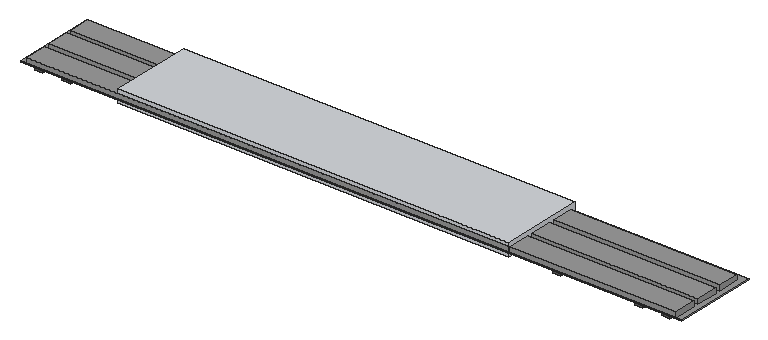
Revit family "2114-3, Solid", category Generic Models, host Face, Revit 2020
Family settings
  Host = Face
  Can host rebar = No
  Round Connector Dimension = Use Diameter
  Part Type = Normal
  Cut with Voids When Loaded = No
  Shared = No
  Room Calculation Point = No
Parameters
  min_value [instance] = 1' - 11 1/4"  # constant formula
  max_value [instance] = 11' - 11 1/4"  # constant formula
  actual_value [instance] = if(NET LENGTH < min_value, min_value, if(NET LENGTH > max_value, max_value, NET LENGTH))  # 7' - 11 1/4"
  SCRIM MATERIAL [instance] = SCRIM
  SCRIM [instance] = yes
  NET LENGTH [instance] = 7' - 11 1/4"
  Default Elevation = 4' - 0"
  BACKER MATERIAL [instance] = BLACK-BACKERS
  .. MEMBER WIDTH [instance] = 0' - 3 1/4"  # constant formula
  .. MEMBER MATERIAL [instance] = Solid Western Hemlock
  .. MEMBER LENGTH [instance] = actual_value  # 7' - 11 1/4"
  .. MEMBER DEPTH [instance] = 0' - 0 3/4"  # constant formula
  .. MEMBER COUNT [instance] = 3  # constant formula
  IMPORTANT NOTE!!!                                                                             *Backer layout is for visualization purposes only, final layout to be determined by 9Wood. [instance] = ""
Reference planes (in)
  plane 1 "Center (Front/Back)": y = 0
  plane 2: z = 1.82209
  plane 3 "Center (Left/Right)": x = 0
Forms (in)
  Extrusion 1, solid
    sketch origin (132, -33.80483, 0) x (1, 0, 0) y (0, 1, 0)
      loop
        line (-118.625, 33.80483) -> (-61.26146, 33.80483) -> (-61.26146, 45.86733) -> (-118.625, 45.86733) -> (-118.625, 33.80483)
    from 1.82209 to 0
Dimensions and locks (in)
  aligned and locked: Extrusion 1 to plane 2
  aligned and locked: plane 3 "Center (Left/Right)" to nested 1
Nested families (in)
  nested 1: "1100 SERIES CONFIG" at (0, 2, 0), .. MEMBER DEPTH <- ".. MEMBER DEPTH", .. MEMBER LENGTH <- ".. MEMBER LENGTH", .. MEMBER WIDTH <- ".. MEMBER WIDTH", .. MEMBER MATERIAL <- ".. MEMBER MATERIAL", BACKING M MATERIAL <- "BACKER MATERIAL", SCRIM  MATERIAL <- "SCRIM MATERIAL", .. MEMBER COUNT <- ".. MEMBER COUNT", SCRIM <- "SCRIM", type "1100 SERIES CONFIG"
    with X 7' - 8", SCRIM OVERHANG 2 0' - 0 3/32", SCRIM OVERHANG 0' - 0 7/8", SCRIM LENGTH 8' - 1", SCRIM  MATERIAL SCRIM, SCRIM yes, NOMINAL LENGTH 7, N 8, Inset 6' - 0 3/8", INSET 0' - 1", INDEX 0' - 5 5/8", HALF MEMBER WIDTH 0' - 1 5/8", HALF LENGTH 3' - 11 5/8", END BACKER yes, BACKING M WIDTH 0' - 1 1/4", BACKING M OC SPACING 1' - 0", BACKING M MATERIAL BLACK-BACKERS, BACKING M LENGTH 0' - 11 7/8", BACKING M DEPTH 0' - 0 1/2", BACKING M COUNT 8, 3/16" INSET 0' - 0 3/16", .. MEMBER WIDTH 0' - 3 1/4", .. MEMBER OC SPACING 0' - 4", .. MEMBER MATERIAL Solid Western Hemlock, .. MEMBER LENGTH 7' - 11 1/4", .. MEMBER DEPTH 0' - 0 3/4", .. MEMBER COUNT 3
Definition of nested family "1100 SERIES CONFIG"
  Parameters (values of type "1100 SERIES CONFIG")
    X [instance] = .. MEMBER LENGTH - 0' 3 1/4"  # 5' - 5"
    SCRIM OVERHANG 2 [instance] = 0' - 0 3/32"  # constant formula
    SCRIM OVERHANG [instance] = 0' - 0 7/8"  # constant formula
    SCRIM LENGTH [instance] = .. MEMBER LENGTH + (SCRIM OVERHANG * 2)  # 5' - 10"
    SCRIM  MATERIAL [instance] = none
    SCRIM [instance] = yes
    NOMINAL LENGTH [instance] = 7
    N [instance] = if((X - (rounddown(X / 1' 0") * 1' 0")) > 1' 0", rounddown(X / 1' 0") + 2, rounddown(X / 1' 0") + 1)  # 6
    Inset [instance] = 6' - 0 3/8"  # constant formula
    INSET [instance] = 0' - 1"  # constant formula
    END BACKER [instance] = INDEX > 0' 3 5/8"  # yes
    INDEX [instance] = (.. MEMBER LENGTH - ((N - 1) * 1' 0")) / 2  # 0' - 4 1/8"
    HALF MEMBER WIDTH [instance] = .. MEMBER WIDTH / 2  # 0' - 0 5/16"
    HALF LENGTH [instance] = .. MEMBER LENGTH / 2  # 2' - 10 1/8"
    Default Elevation = 0' - 0"
    BACKING M WIDTH [instance] = 0' - 1 1/4"
    BACKING M SPACING = 3' - 3"
    BACKING M MATERIAL [instance] = none
    BACKING M LENGTH [instance] = 0' - 11 7/8"
    BACKING M DEPTH [instance] = 0' - 0 1/2"
    BACKING M COUNT [instance] = N  # 6
    BACKING M OC SPACING [instance] = 1' - 0"  # constant formula
    3/16" INSET [instance] = 0' - 0 3/16"  # constant formula
    .. MEMBER WIDTH [instance] = 0' - 0 5/8"
    .. MEMBER OC SPACING [instance] = 1' 0" / .. MEMBER COUNT  # 0' - 4"
    .. MEMBER MATERIAL [instance] = none
    .. MEMBER LENGTH [instance] = 5' - 8 1/4"
    .. MEMBER DEPTH [instance] = 0' - 1 3/8"
    .. MEMBER COUNT [instance] = 3
  Reference planes (in)
    plane 1 "Center (Front/Back)": y = -2
    plane 2: z = 0
    plane 3 "Center (Left/Right)": x = 0
    plane 4: x = 1
    plane 5: x = 4.125
    plane 6: x = 34.125
    plane 7: x = 68.25
    plane 8: x = 67.25
    plane 9: x = 16.125
    plane 10: y = -1.8125
    plane 11: y = -1.6875
    plane 12: y = 2.3125
    plane 13: x = 69.125
    plane 14: x = -0.875
    plane 15: z = 0.5
    plane 16: z = 0.5625
    plane 17: y = 10.0625
    plane 18: y = 10.15625
    plane 19: y = -2.09375
  Dimensions and locks (in)
    "INSET": plane 3 "Center (Left/Right)" to plane 4
    "INDEX": plane 3 "Center (Left/Right)" to plane 5
    "HALF LENGTH": plane 3 "Center (Left/Right)" to plane 6
    ".. MEMBER LENGTH": plane 3 "Center (Left/Right)" to plane 7
    "INSET": plane 8 to plane 7
    equal spacing: group 2, group 3, group 6, group 7, group 8, group 9  (x3)
    "3/16" INSET": plane 1 "Center (Front/Back)" to plane 10
    ".. MEMBER OC SPACING": plane 12 to plane 11
    "SCRIM OVERHANG": plane 14 to plane 3 "Center (Left/Right)"
    "SCRIM OVERHANG": plane 7 to plane 13
    equal spacing: group 1, group 4, group 5  (x2)
    equal spacing: group 5, group 4, group 1
    "HALF MEMBER WIDTH": plane 1 "Center (Front/Back)" to plane 11
    "BACKING M OC SPACING": plane 5 to plane 9
    "SCRIM OVERHANG 2": plane 18 to plane 17
    "SCRIM OVERHANG 2": plane 19 to plane 1 "Center (Front/Back)"
    aligned and locked: level to plane 2
    aligned and locked: plane 6 to nested 1
    aligned and locked: nested 2 to plane 4
    aligned and locked: plane 5 to nested 3
    aligned and locked: plane 1 "Center (Front/Back)" to nested 1
    aligned and locked: nested 2 to plane 10
    aligned and locked: nested 3 to plane 10
    aligned and locked: nested 5 to plane 10
    aligned and locked: nested 4 to plane 10
    aligned and locked: nested 6 to plane 14
    aligned and locked: plane 12 to nested 7
    aligned and locked: nested 7 to plane 3 "Center (Left/Right)"
    aligned and locked: plane 9 to nested 5
    aligned and locked: plane 8 to nested 4
    aligned and locked: plane 15 to nested 2
    aligned and locked: nested 6 to plane 15
    aligned and locked: nested 1 to plane 16
    aligned and locked: nested 7 to plane 16
    aligned and locked: nested 6 to plane 19
  Nested families (in)
    nested 1: "INSTANCE - Parametric Cube" at (34.125, -1.6875, 1.9375), Length <- ".. MEMBER WIDTH", Height <- ".. MEMBER DEPTH", Width <- ".. MEMBER LENGTH", Material <- ".. MEMBER MATERIAL", type "INSTANCE - Parametric Cube"
      with Width 5' - 8 1/4", Material none, Length 0' - 0 5/8", Height 0' - 1 3/8"
    nested 2: "2ND INSTANCE - Parametric Cube" at (1.625, 4.125, 0), Height <- "BACKING M DEPTH", Length <- "BACKING M LENGTH", Width <- "BACKING M WIDTH", Material <- "BACKING M MATERIAL", visible <- "END BACKER", type "2ND INSTANCE - Parametric Cube"
      with Width 0' - 1 1/4", Material none, Length 0' - 11 7/8", Height 0' - 0 1/2"
    nested 3: "2ND INSTANCE - Parametric Cube" at (4.125, 4.125, 0), Length <- "BACKING M LENGTH", Height <- "BACKING M DEPTH", Width <- "BACKING M WIDTH", Material <- "BACKING M MATERIAL", type "2ND INSTANCE - Parametric Cube"
      with Width 0' - 1 1/4", Material none, Length 0' - 11 7/8", Height 0' - 0 1/2"
    nested 4: "2ND INSTANCE - Parametric Cube" at (66.625, 4.125, 0), Width <- "BACKING M WIDTH", Length <- "BACKING M LENGTH", Height <- "BACKING M DEPTH", Material <- "BACKING M MATERIAL", visible <- "END BACKER", type "2ND INSTANCE - Parametric Cube"
      with Width 0' - 1 1/4", Material none, Length 0' - 11 7/8", Height 0' - 0 1/2"
    nested 5: "2ND INSTANCE - Parametric Cube" at (16.125, 4.125, 0), Length <- "BACKING M LENGTH", Height <- "BACKING M DEPTH", Width <- "BACKING M WIDTH", Material <- "BACKING M MATERIAL", type "2ND INSTANCE - Parametric Cube"
      with Width 0' - 1 1/4", Material none, Length 0' - 11 7/8", Height 0' - 0 1/2"
    nested 6: "3RD INSTANCE - Parametric Cube" at (34.125, 4.0445, 0.5), Width <- "SCRIM LENGTH", Material <- "SCRIM  MATERIAL", visible <- "SCRIM", type "3RD INSTANCE - Parametric Cube"
      with Width 5' - 10", Material none, Length 1' - 0.27649", Height 0' - 0 1/16"
    nested 7: "INSTANCE - Parametric Cube" at (34.125, 2.3125, 1.9375), Length <- ".. MEMBER WIDTH", Height <- ".. MEMBER DEPTH", Width <- ".. MEMBER LENGTH", Material <- ".. MEMBER MATERIAL", type "INSTANCE - Parametric Cube"
      with Width 5' - 8 1/4", Material none, Length 0' - 0 5/8", Height 0' - 1 3/8"
    nested 8: "INSTANCE - Parametric Cube" at (34.125, 6.3125, 1.9375), Length <- ".. MEMBER WIDTH", Height <- ".. MEMBER DEPTH", Width <- ".. MEMBER LENGTH", Material <- ".. MEMBER MATERIAL", type "INSTANCE - Parametric Cube"
      with Width 5' - 8 1/4", Material none, Length 0' - 0 5/8", Height 0' - 1 3/8"
    nested 9: "2ND INSTANCE - Parametric Cube" at (28.125, 4.125, 0), Length <- "BACKING M LENGTH", Height <- "BACKING M DEPTH", Width <- "BACKING M WIDTH", Material <- "BACKING M MATERIAL", type "2ND INSTANCE - Parametric Cube"
      with Width 0' - 1 1/4", Material none, Length 0' - 11 7/8", Height 0' - 0 1/2"
    nested 10: "2ND INSTANCE - Parametric Cube" at (40.125, 4.125, 0), Length <- "BACKING M LENGTH", Height <- "BACKING M DEPTH", Width <- "BACKING M WIDTH", Material <- "BACKING M MATERIAL", type "2ND INSTANCE - Parametric Cube"
      with Width 0' - 1 1/4", Material none, Length 0' - 11 7/8", Height 0' - 0 1/2"
    nested 11: "2ND INSTANCE - Parametric Cube" at (52.125, 4.125, 0), Length <- "BACKING M LENGTH", Height <- "BACKING M DEPTH", Width <- "BACKING M WIDTH", Material <- "BACKING M MATERIAL", type "2ND INSTANCE - Parametric Cube"
      with Width 0' - 1 1/4", Material none, Length 0' - 11 7/8", Height 0' - 0 1/2"
    nested 12: "2ND INSTANCE - Parametric Cube" at (64.125, 4.125, 0), Length <- "BACKING M LENGTH", Height <- "BACKING M DEPTH", Width <- "BACKING M WIDTH", Material <- "BACKING M MATERIAL", type "2ND INSTANCE - Parametric Cube"
      with Width 0' - 1 1/4", Material none, Length 0' - 11 7/8", Height 0' - 0 1/2"
  Definition of nested family "INSTANCE - Parametric Cube"
    Parameters (values of type "INSTANCE - Parametric Cube")
      Width [instance] = 0' - 6"
      Material [instance] = none
      Length [instance] = 1' - 0"
      Height [instance] = 1' - 6"
      Default Elevation = 0' - 0"
    Reference planes (in)
      plane 1 "Center (Front/Back)": y = 0
      plane 2: z = 0
      plane 3 "Center (Left/Right)": x = 0
      plane 4: x = -3
      plane 5: x = 3
      plane 6: y = 6
      plane 7: y = -6
      plane 8: z = -18
    Forms (in)
      Extrusion 1, solid, material <- "Material"
        sketch origin (0, 0, 0) x (1, 0, 0) y (0, 1, 0)
          loop
            line (-3, 6) -> (-3, -6) -> (3, -6) -> (3, 6) -> (-3, 6)
        from -18 to 0
    Dimensions and locks (in)
      equal spacing: plane 4, plane 3 "Center (Left/Right)", plane 5
      equal spacing: plane 6, plane 1 "Center (Front/Back)", plane 7
      "Length": plane 6 to plane 7
      "Width": plane 4 to plane 5
      "Height": plane 8 to level
      aligned and locked: plane 2 to level
      aligned and locked: Extrusion 1 sketch curve to plane 6
      aligned and locked: plane 4 to Extrusion 1 sketch curve
      aligned and locked: plane 7 to Extrusion 1 sketch curve
      aligned and locked: Extrusion 1 sketch curve to plane 5
      aligned and locked: Extrusion 1 to plane 8
  Definition of nested family "2ND INSTANCE - Parametric Cube"
    Parameters (values of type "2ND INSTANCE - Parametric Cube")
      Width [instance] = 0' - 6"
      Material [instance] = none
      Length [instance] = 1' - 0"
      Height [instance] = 1' - 6"
      Default Elevation = 0' - 0"
    Reference planes (in)
      plane 1 "Center (Front/Back)": y = 0
      plane 2: z = 0
      plane 3 "Center (Left/Right)": x = 0
      plane 4: x = -3
      plane 5: x = 3
      plane 6: y = 6
      plane 7: y = -6
      plane 8: z = 18
    Forms (in)
      Extrusion 1, solid, material <- "Material"
        sketch origin (0, 0, 0) x (1, 0, 0) y (0, 1, 0)
          loop
            line (-3, 6) -> (-3, -6) -> (3, -6) -> (3, 6) -> (-3, 6)
        from 0 to 18
    Dimensions and locks (in)
      equal spacing: plane 4, plane 3 "Center (Left/Right)", plane 5
      equal spacing: plane 6, plane 1 "Center (Front/Back)", plane 7
      "Length": plane 6 to plane 7
      "Width": plane 4 to plane 5
      "Height": level to plane 8
      aligned and locked: plane 2 to level
      aligned and locked: Extrusion 1 sketch curve to plane 6
      aligned and locked: plane 4 to Extrusion 1 sketch curve
      aligned and locked: plane 7 to Extrusion 1 sketch curve
      aligned and locked: Extrusion 1 sketch curve to plane 5
      aligned and locked: plane 8 to Extrusion 1
      aligned and locked: Extrusion 1 to level
  Definition of nested family "3RD INSTANCE - Parametric Cube"
    Parameters (values of type "3RD INSTANCE - Parametric Cube")
      Width [instance] = 0' - 6"
      Material [instance] = none
      Length [instance] = 1' - 0"
      Height [instance] = 1' - 6"
      Default Elevation = 0' - 0"
    Reference planes (in)
      plane 1 "Center (Front/Back)": y = 0
      plane 2: z = 0
      plane 3 "Center (Left/Right)": x = 0
      plane 4: x = -3
      plane 5: x = 3
      plane 6: y = 6
      plane 7: y = -6
      plane 8: z = 18
    Forms (in)
      Extrusion 1, solid, material <- "Material"
        sketch origin (0, 0, 0) x (1, 0, 0) y (0, 1, 0)
          loop
            line (-3, 6) -> (-3, -6) -> (3, -6) -> (3, 6) -> (-3, 6)
        from 0 to 18
    Dimensions and locks (in)
      equal spacing: plane 4, plane 3 "Center (Left/Right)", plane 5
      equal spacing: plane 6, plane 1 "Center (Front/Back)", plane 7
      "Length": plane 6 to plane 7
      "Width": plane 4 to plane 5
      "Height": level to plane 8
      aligned and locked: plane 2 to level
      aligned and locked: Extrusion 1 sketch curve to plane 6
      aligned and locked: plane 4 to Extrusion 1 sketch curve
      aligned and locked: plane 7 to Extrusion 1 sketch curve
      aligned and locked: Extrusion 1 sketch curve to plane 5
      aligned and locked: plane 8 to Extrusion 1
      aligned and locked: Extrusion 1 to level
